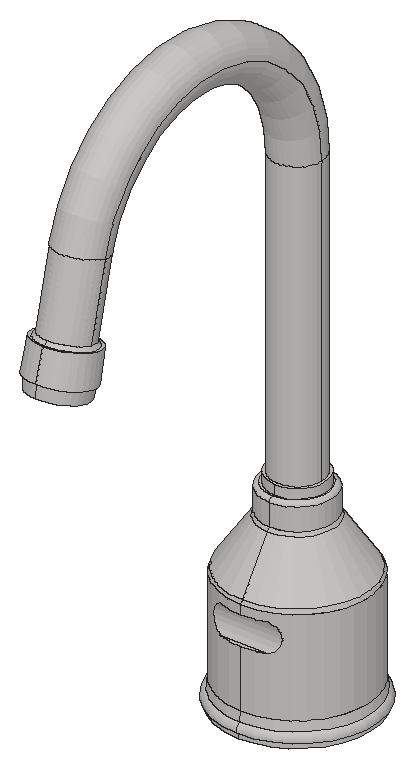
Revit family "16-649L", category Specialty Equipment, Revit 2018
Family settings
  Round Connector Dimension = Use Diameter
  Part Type = Normal
  OmniClass Number = 23.45.05.14
  OmniClass Title = Plumbing Fixtures - Sanitary Washing Units
  Work Plane-Based = No
  Always vertical = Yes
  Cut with Voids When Loaded = No
  Shared = No
  Room Calculation Point = No
Parameters
  URL Cutsheet = ""
  Serial Number = ""
  Plumbing Remarks = ""
  Plumbing Connection Type = ""
  Model = "16-649L"
  Masterspec = ""
  Manufacturer = "Krowne Metal"
  Item Number = ""
  Inlet Size = 0' - 0 1/2"
  Hot Water Size = 1/2"
  Hot Water RI Height = 0' - 0"
  Hot Water Flow = 2.2 GPM
  Hot Water Connection Height = 0' - 0"
  Foodservice Equipment Identifier = yes
  Description = "Single Hole Deck Mount"
  Cold Water Size = 1/2"
  Cold Water RI Height = 0' - 0"
  Cold Water Flow = 2.2 GPM
  Cold Water Connection Height = 0' - 0"
  Assembly Code = "D2010400"
Reference planes (in)
  plane 1 "Center (Front/Back)": y = 0
  plane 2: z = 0
  plane 3 "Center (Left/Right)": x = 0
  plane 4: z = 10
  plane 5: x = -5.70074
  plane 6: x = -2.3125
  plane 7: x = -1.15625
  plane 8: x = -6.125
  plane 9: x = -0.77838
  plane 10: x = -1.53412
Forms (in)
  Revolve 1, solid, material "Metal_Finishes_Stainless Steel"
    sketch origin (0, 1.15625, 0) x (0, 1, 0) y (0, 0, 1)
      loop
        line (-1.15625, 0) -> (-0.0373, 0) -> (-0.0373, 0.08661) -> (0, 0.08661)
        arc (0, 0.08661) -> (-0.01424, 0.1581) -> (-0.06513, 0.21028) r 0.12827
        line (-0.06513, 0.21028) -> (-0.08982, 0.35033) -> (-0.08982, 1.79046) -> (-0.11303, 1.85421) -> (-0.60486, 2.56116) -> (-0.63039, 2.61882) -> (-0.63039, 2.95298)
        arc (-0.63039, 2.95298) -> (-0.65553, 2.99235) -> (-0.69967, 3.00767) r 0.07123
        line (-0.69967, 3.00767) -> (-0.73056, 3.00767) -> (-0.73056, 3.14843) -> (-0.77838, 3.14843) -> (-1.15625, 3.14843) -> (-1.15625, 0)
      axis (-1.15625, 3.14843) -> (-1.15625, 0)
    angle from 0 to 360
  Revolve 2, solid, material "Metal_Finishes_Stainless Steel"
    sketch origin (0, 1.15625, 0) x (0, 1, 0) y (0, 0, 1)
      loop
        line (-5.14109, 6.75816) -> (-5.16796, 6.82546) -> (-5.53467, 6.91689) -> (-5.71152, 6.20758) -> (-5.30134, 6.10531) -> (-5.22739, 6.28977) -> (-5.19747, 6.28231) -> (-5.09858, 6.74756) -> (-5.14109, 6.75816)
      axis (-5.53467, 6.91689) -> (-5.71152, 6.20758)
    angle from 0 to 360
  Extrusion 3, void
    sketch origin (0, 1.15625, 0) x (0, 1, 0) y (0, 0, 1)
      loop
        line (-2.25324, 1.65985) -> (-2.25324, 1.22462) -> (-2.15609, 1.22462)
        arc (-2.15609, 1.22462) -> (-2.08603, 1.44223) -> (-2.15609, 1.65985) r 0.37301
        line (-2.15609, 1.65985) -> (-2.25324, 1.65985)
    from -0.6415 to 0.59581
  Sweep 4, solid, material "Metal_Finishes_Stainless Steel"
    path origin (0, 0, 0) x (0, 1, 0) y (0, 0, 1)
      loop
        line (0, 3.14843) -> (0, 7.50451)
        arc (0, 7.50451) -> (-1.8448, 9.57509) -> (-4.11371, 7.98052) r 2.08439
        line (-4.11371, 7.98052) -> (-4.37848, 6.91675)
    profile origin (0, 0, 5.32647) x (0, -1, 0) y (1, 0, 0)
      loop
        circle (0, 0) r 0.37787
Cuts and joins
  Extrusion 3 cuts Revolve 1
Dimensions and locks (in)
  plane 3 "Center (Left/Right)" to plane 6 = 0' - 2 5/16"
  plane 7 to plane 5 = 0' - 4.54449"
  plane 3 "Center (Left/Right)" to plane 8 = 0' - 6 1/8"
  aligned and locked: level to plane 2
Connectors (in)
  piping at (0, 0, 0), diameter 0.5, driven by "Inlet Size"
    settings: on Revolve 1, index 1, connector inside diameter 24", connector length 0' - 0", flow factor 0, pipe flow 0 GPM, pressure drop 0.00 psi, fitting loss kfactor 0, connector angle 0.00°, fixture units 0, engagement length 0' - 0", angle of deflection 0.00°, flow configuration 0, flow direction 1, fitting loss method 0, system type 20, joint type 0, gender type 0, connector reference index -1, connector utility 0, adjustable connector no, is connector primary yes, connector description ""
